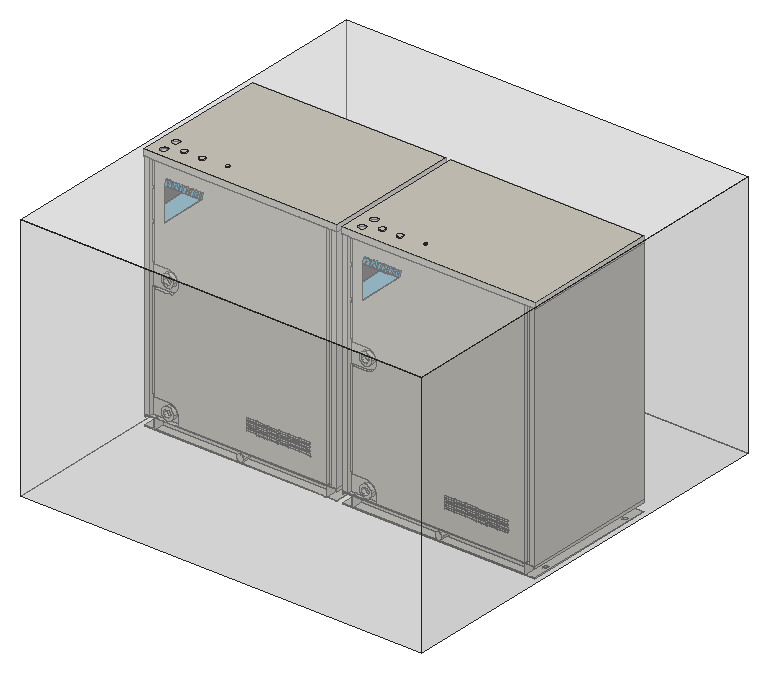
Revit family "outputfile", category 機械設備, Revit 2024
Family settings
  丸型コネクタ寸法 = 半径を使用
  種別 = なし
  パーツ タイプ = 標準
  OmniClass 番号 = 23.75.10.24.21.27.27
  OmniClass タイトル = Split System Air Conditioning Units
  作業面ベース = いいえ
  常に垂直 = はい
  ロード時にボイドで切り取り = いいえ
  注釈の向きを維持 = いいえ
  共有 = いいえ
  部屋計算ポイント = いいえ
Parameters (values of type "RWEYQ22TY14")
  製造元 = "Daikin"
  書き出し IFC クラス(タイプ) = "IfcUnitaryEquipmentType"
  定義済み IFC タイプ(タイプ) = "AIRCONDITIONINGUNIT"
  モデル = "RWEYQ22TY14"
  w_unit2 = 780.0 mm
  w_unit1 = 780.0 mm
  switch_unit2_6-8 [instance] = if(Reverse_ModuleSequence, if(default_unit1 = 1, 1 = 1, 1 = 0), if(default_unit2 = 1, 1 = 1, 1 = 0))  # no
  switch_unit2_12 [instance] = if(Reverse_ModuleSequence, if(default_unit1 = 3, 1 = 1, 1 = 0), if(default_unit2 = 3, 1 = 1, 1 = 0))  # no
  switch_unit2_10 [instance] = if(Reverse_ModuleSequence, if(default_unit1 = 2, 1 = 1, 1 = 0), if(default_unit2 = 2, 1 = 1, 1 = 0))  # yes
  switch_unit1_6-8 [instance] = if(Reverse_ModuleSequence, if(default_unit2 = 1, 1 = 1, 1 = 0), if(default_unit1 = 1, 1 = 1, 1 = 0))  # no
  switch_unit1_12 [instance] = if(Reverse_ModuleSequence, if(default_unit2 = 3, 1 = 1, 1 = 0), if(default_unit1 = 3, 1 = 1, 1 = 0))  # yes
  switch_unit1_10 [instance] = if(Reverse_ModuleSequence, if(default_unit2 = 2, 1 = 1, 1 = 0), if(default_unit1 = 2, 1 = 1, 1 = 0))  # no
  rangle_Drain [instance] = if(Rear Connection_Drain, 180.00°, 0.00°)  # 0.00°
  r_Water Outlet Pipe Connection_unit2 [instance] = Water Outlet Pipe Connection_Unit2 / 2  # 15.9 mm
  r_Water Outlet Pipe Connection_unit1 [instance] = Water Outlet Pipe Connection_Unit1 / 2  # 15.9 mm
  r_Water Inlet Pipe Connection_unit2 [instance] = Water Inlet Pipe Connection_Unit2 / 2  # 15.9 mm
  r_Water Inlet Pipe Connection_unit1 [instance] = Water Inlet Pipe Connection_Unit1 / 2  # 15.9 mm
  r_Liquid Pipe Size_unit2 [instance] = Liquid Pipe Size_Unit 2 / 2  # 4.75 mm
  r_HP/LP Gas Pipe Size_unit2 [instance] = [HP/LP Gas Pipe Size_Unit 2] / 2  # 11.1 mm
  r_HP/LP Gas Pipe Size_unit1 [instance] = [HP/LP Gas Pipe Size_Unit 1] / 2  # 11.1 mm
  r_Gas Pipe Size_unit2 [instance] = Gas Pipe Size_Unit 2 / 2  # 11.1 mm
  r_Drain Pipe Size = Drain Pipe Size / 2  # 6.35 mm
  lw_powersupply2 = 51.0 mm
  lw_liquidpipe2 = 274.0 mm
  lw_gaspipe2 [instance] = if(Heat Pump, 107.0 mm, 178.0 mm)  # 107.0 mm
  lw_Water Outlet2 = 95.0 mm
  lw_Water Outlet1 = 95.0 mm
  lw_Water Inlet2 = 95.0 mm
  lw_Water Inlet1 = 95.0 mm
  lw_HP/LP Gas Pipe2 [instance] = if(Heat Pump, 178.0 mm, 107.0 mm)  # 178.0 mm
  lw_HP/LP Gas Pipe1 [instance] = if(Heat Pump, 178.0 mm, 107.0 mm)  # 178.0 mm
  lw_Drain2 = 390.0 mm
  lw_Drain1 = 390.0 mm
  ld_HP/LP Gas Pipe = 69.0 mm
  h_mountinghole = [h_***] + 2.3 mm  # 2.3 mm
  r_Liquid Pipe Size_unit1 [instance] = Liquid Pipe Size_Unit 1 / 2  # 6.35 mm
  r_Gas Pipe Size_unit1 [instance] = Gas Pipe Size_Unit 1 / 2  # 11.1 mm
  distance_unit1-2 [instance] = 20.0 mm
  default_unit2 = 2
  default_unit1 = 3
  default_Water Outlet Pipe Connection_Unit 2 = 31.8 mm
  default_Water Outlet Pipe Connection_Unit 1 = 31.8 mm
  default_Water Inlet Pipe Connection_Unit 2 = 31.8 mm
  default_Water Inlet Pipe Connection_Unit 1 = 31.8 mm
  default_Model_Unit 2 = "RWEYQ10TY14"
  default_Model_Unit 1 = "RWEYQ12TY14"
  default_Liquid Pipe Size_Unit 2 = 9.5 mm
  default_Liquid Pipe Size_Unit 1 = 12.7 mm
  default_HP/LP Gas Pipe Size_Unit 2 [instance] = if(and(Heat Pump, [switch_unit2_6-8]), 19.1 mm, if(and(Heat Pump, switch_unit2_10), 22.2 mm, if(and(Heat Pump, switch_unit2_12), 22.2 mm, if(and(Heat Recovery, [switch_unit2_6-8]), 15.9 mm, if(and(Heat Recovery, switch_unit2_10), 19.1 mm, if(and(Heat Recovery, switch_unit2_12), 19.1 mm, 19.1 mm))))))  # 22.2 mm
  default_HP/LP Gas Pipe Size_Unit 1 [instance] = if(and(Heat Pump, [switch_unit1_6-8]), 19.1 mm, if(and(Heat Pump, switch_unit1_10), 22.2 mm, if(and(Heat Pump, switch_unit1_12), 22.2 mm, if(and(Heat Recovery, [switch_unit1_6-8]), 15.9 mm, if(and(Heat Recovery, switch_unit1_10), 19.1 mm, if(and(Heat Recovery, switch_unit1_12), 19.1 mm, 19.1 mm))))))  # 22.2 mm
  default_Gas Pipe Size_Unit 2 = 22.2 mm
  default_Gas Pipe Size_Unit 1 = 22.2 mm
  Water Outlet Pipe Connection_Unit2 [instance] = if(Reverse_ModuleSequence, default_Water Inlet Pipe Connection_Unit 1, default_Water Inlet Pipe Connection_Unit 2)  # 31.8 mm
  Water Outlet Pipe Connection_Unit1 [instance] = if(Reverse_ModuleSequence, default_Water Outlet Pipe Connection_Unit 2, default_Water Outlet Pipe Connection_Unit 1)  # 31.8 mm
  Water Inlet Pipe Connection_Unit2 [instance] = if(Reverse_ModuleSequence, default_Water Outlet Pipe Connection_Unit 1, default_Water Outlet Pipe Connection_Unit 2)  # 31.8 mm
  Water Inlet Pipe Connection_Unit1 [instance] = if(Reverse_ModuleSequence, default_Water Inlet Pipe Connection_Unit 2, default_Water Inlet Pipe Connection_Unit 1)  # 31.8 mm
  Voltage_comment_50Hz = "380-415"
  Voltage_50Hz = 400 V
  Top Connection_powersupply2 [instance] = not(Top Connection_powersupply1)  # no
  Sound Power Level (dB) = 75
  Reverse_ModuleSequence [instance] = no
  Rear Connection_Drain [instance] = not(Front Connection_Drain)  # no
  Power Input (Heating) = 13.500 kW
  Phase_50Hz = 3
  Nominal Heating Capacity = 69.000 kW
  Model_Unit 2 [instance] = if(Reverse_ModuleSequence, default_Model_Unit 1, default_Model_Unit 2)  # "RWEYQ10TY14"
  Model_Unit 1 [instance] = if(Reverse_ModuleSequence, default_Model_Unit 2, default_Model_Unit 1)  # "RWEYQ12TY14"
  Minimum Circuit Amps_50Hz = 27.3 A
  Maximum Fuse Amps_50Hz = 35.0 A
  Material_Heat Exchanger = DAIKIN_Blue_HE_outdoorunit
  Material_Casing = DAIKIN_IvoryWhite_Casing_outdoorunit
  lw_powersupply1 = 51.0 mm
  lw_liquidpipe1 = 274.0 mm
  lw_gaspipe1 [instance] = if(Heat Pump, 107.0 mm, 178.0 mm)  # 107.0 mm
  lh_powersupply = 940.0 mm
  ld_powersupply [instance] = if(Top Connection_powersupply1, 38.0 mm, 98.0 mm)  # 38.0 mm
  ld_liquidpipe = 79.0 mm
  ld_gaspipe = 69.0 mm
  h_*** = 0.0 mm
  Width [instance] = [distance_unit1-2] + w_unit1 + w_unit2  # 1580.0 mm
  Version = "ver.1.0"
  Unit Type = ""
  Unit Mass Weight = 294.00 kg
  Unit Designation [instance] = ""
  Uniclass2015Version = "Products v1.30"
  Uniclass2015Title = "Variable refrigerant flow units"
  Uniclass2015Code = "Pr_70_65_03_94"
  Total Cooling Capacity [instance] = 0.000 kW
  Sound Pressure Level (dBA) = 55
  Series = "VRV Heat Recovery"
  Refrigerant_Base Charge = 8.400 kg
  Refrigerant_Additional Charge [instance] = 0.000 kg
  Refrigerant Type = "R410A"
  Power Input (Cooling) = 12.800 kW
  Option Accessory 3 [instance] = ""
  Option Accessory 2 [instance] = ""
  Option Accessory 1 [instance] = ""
  Nominal Cooling Capacity = 61.500 kW
  Load Classification = HVAC
  Liquid Pipe Size_Unit 2 [instance] = if(Reverse_ModuleSequence, default_Liquid Pipe Size_Unit 1, default_Liquid Pipe Size_Unit 2)  # 9.5 mm
  Liquid Pipe Size_Unit 1 [instance] = if(Reverse_ModuleSequence, default_Liquid Pipe Size_Unit 2, default_Liquid Pipe Size_Unit 1)  # 12.7 mm
  Link_Nested Family [instance] = ""
  IfcVersion = ""
  IfcExportType = "AIRCONDITIONINGUNIT"
  IfcExportAs = "IfcUnitaryEquipmentType"
  Height = 1000.0 mm
  Heat Recovery [instance] = not(Heat Pump)  # no
  Heat Pump [instance] = yes
  Heat Exchanger Type = "Stainless Steel Plate"
  HP/LP Gas Pipe Size_Unit 2 [instance] = [default_HP/LP Gas Pipe Size_Unit 2]  # 22.2 mm
  HP/LP Gas Pipe Size_Unit 1 [instance] = [default_HP/LP Gas Pipe Size_Unit 1]  # 22.2 mm
  Gas Pipe Size_Unit 2 [instance] = if(Reverse_ModuleSequence, default_Gas Pipe Size_Unit 1, default_Gas Pipe Size_Unit 2)  # 22.2 mm
  Gas Pipe Size_Unit 1 [instance] = if(Reverse_ModuleSequence, default_Gas Pipe Size_Unit 2, default_Gas Pipe Size_Unit 1)  # 22.2 mm
  Top Connection_powersupply1 [instance] = yes
  Front Connection_Drain [instance] = yes
  Frequency_50Hz = 50 Hz
  Drain Pipe Size = 12.7 mm
  Depth = 550.0 mm
  既定の高さ = 0.0 mm
  Cooling Ambient Wet Bulb Temperature [instance] = 0.00 °C
  Cooling Ambient Dry Bulb Temperature [instance] = 0.00 °C
  Compressor Type = "Hermetically Sealed Scroll Type"
  Clearance visibility [instance] = yes
  Clearance Top = 0.0 mm
  Clearance Right = 20.0 mm
  Clearance Rear = 500.0 mm
  Clearance Left = 20.0 mm
  Clearance Front = 600.0 mm
  Clearance Bottom = 0.0 mm
  CU Tag No. [instance] = ""
Reference planes
  plane 1 "Center (Front/Back)": y = 0
  plane 2 "h_***": z = 0
  plane 3 "Center (Left/Right)": x = 0
  plane 4 "Back": y = 275
  plane 5 "Front": y = -275
  plane 6 "Left": x = -390
  plane 7 "w_unit1": x = 390
  plane 8 "Top": z = 1000
  plane 9 "Clearance Rear": y = 775
  plane 10 "Clearance Front": y = -875
  plane 11 "Clearance Left": x = -410
  plane 12 "Clearance Right": x = 1210
  plane 13 "Clearance Top": z = 1000
  plane 14 "Clearance Bottom": z = 0
  plane 15 "Bottom": z = 0
  plane 16 "lw_powersupply1": x = -339
  plane 17 "ld_powersupply": y = -237
  plane 18 "lw_liquidpipe1": x = -116
  plane 19 "Rear Connection_refrigetant": y = -196
  plane 20 "lw_gaspipe1": x = -283
  plane 21 "ld_gaspipe": y = -206
  plane 22 "lh_logo": z = 900
  plane 23 "lw_logo": x = 100
  plane 24 "lh_powersupply": z = 940
  plane 25 "lw_HP/LP Gas Pipe1": x = -212
  plane 26 "ld_HP/LP Gas Pipe": y = -206
  plane 27 "l_unit2": x = 410
  plane 28 "Right": x = 1190
  plane 29 "lw_powersupply2": x = 461
  plane 30 "lw_liquidpipe2": x = 684
  plane 31 "lw_gaspipe2": x = 517
  plane 32 "lw_HP/LP Gas Pipe2": x = 588
  plane 33 "lw_Water Inlet1": x = -295
  plane 34 "lw_Water Inlet2": x = 505
  plane 35 "lw_Water Outlet1": x = -295
  plane 36 "lw_Water Outlet2": x = 505
  plane 37 "lw_Drain1": x = 0
  plane 38 "lw_Drain2": x = 800
Dimensions and locks
  equal spacing: plane 4 "Back", plane 1 "Center (Front/Back)", plane 5 "Front"
  "Depth": plane 4 "Back" to plane 5 "Front"
  equal spacing: plane 6 "Left", plane 3 "Center (Left/Right)", plane 7 "w_unit1"
  "w_unit1": plane 6 "Left" to plane 7 "w_unit1"
  "Clearance Rear": plane 9 "Clearance Rear" to plane 4 "Back"
  "Clearance Front": plane 10 "Clearance Front" to plane 5 "Front"
  "Clearance Left": plane 11 "Clearance Left" to plane 6 "Left"
  "Clearance Top": plane 13 "Clearance Top" to plane 8 "Top"
  "h_***": plane 15 "Bottom" to plane 2 "h_***"
  "Height": plane 8 "Top" to plane 15 "Bottom"
  "Clearance Bottom": plane 15 "Bottom" to plane 14 "Clearance Bottom"
  "ld_powersupply": plane 17 "ld_powersupply" to plane 5 "Front"
  "ld_liquidpipe": plane 19 "Rear Connection_refrigetant" to plane 5 "Front"
  "ld_gaspipe": plane 21 "ld_gaspipe" to plane 5 "Front"
  locked: plane 23 "lw_logo" to plane 7 "w_unit1" at 290
  locked: plane 22 "lh_logo" to plane 15 "Bottom" at 900
  "lw_gaspipe1": plane 6 "Left" to plane 20 "lw_gaspipe1"
  "lw_liquidpipe1": plane 6 "Left" to plane 18 "lw_liquidpipe1"
  "lw_powersupply1": plane 6 "Left" to plane 16 "lw_powersupply1"
  "lh_powersupply": plane 24 "lh_powersupply" to plane 15 "Bottom"
  "lw_HP/LP Gas Pipe1": plane 6 "Left" to plane 25 "lw_HP/LP Gas Pipe1"
  "ld_HP/LP Gas Pipe": plane 26 "ld_HP/LP Gas Pipe" to plane 5 "Front"
  "distance_unit1-2": plane 7 "w_unit1" to plane 27 "l_unit2"
  "Clearance Right": plane 28 "Right" to plane 12 "Clearance Right"
  "Width": plane 6 "Left" to plane 28 "Right"
  "lw_powersupply2": plane 27 "l_unit2" to plane 29 "lw_powersupply2"
  "lw_HP/LP Gas Pipe2": plane 27 "l_unit2" to plane 32 "lw_HP/LP Gas Pipe2"
  "lw_gaspipe2": plane 27 "l_unit2" to plane 31 "lw_gaspipe2"
  "lw_liquidpipe2": plane 27 "l_unit2" to plane 30 "lw_liquidpipe2"
  "lw_Water Inlet1": plane 6 "Left" to plane 33 "lw_Water Inlet1"
  "lw_Water Inlet2": plane 27 "l_unit2" to plane 34 "lw_Water Inlet2"
  "lw_Water Outlet1": plane 6 "Left" to plane 35 "lw_Water Outlet1"
  "lw_Water Outlet2": plane 27 "l_unit2" to plane 36 "lw_Water Outlet2"
  "lw_Drain1": plane 6 "Left" to plane 37 "lw_Drain1"
  "lw_Drain2": plane 27 "l_unit2" to plane 38 "lw_Drain2"
  aligned and locked: level to plane 2 "h_***"
  aligned and locked: plane 9 "Clearance Rear" to nested 2
  aligned and locked: nested 2 to plane 10 "Clearance Front"
  aligned and locked: plane 11 "Clearance Left" to nested 2
  aligned and locked: plane 12 "Clearance Right" to nested 2
  aligned and locked: plane 13 "Clearance Top" to nested 2
  aligned and locked: plane 14 "Clearance Bottom" to nested 2
  aligned and locked: plane 8 "Top" to nested 1
  aligned and locked: plane 22 "lh_logo" to nested 7
  aligned and locked: nested 8 to plane 16 "lw_powersupply1"
  aligned and locked: nested 9 to plane 20 "lw_gaspipe1"
  aligned and locked: nested 10 to plane 18 "lw_liquidpipe1"
  aligned and locked: nested 10 to plane 19 "Rear Connection_refrigetant"
  aligned and locked: nested 9 to plane 21 "ld_gaspipe"
  aligned and locked: nested 8 to plane 17 "ld_powersupply"
  aligned and locked: plane 5 "Front" to nested 7
  aligned and locked: plane 24 "lh_powersupply" to nested 8
  aligned and locked: plane 27 "l_unit2" to nested 11
  aligned and locked: nested 17 to plane 29 "lw_powersupply2"
  aligned and locked: nested 17 to plane 17 "ld_powersupply"
  aligned and locked: nested 18 to plane 31 "lw_gaspipe2"
  aligned and locked: nested 18 to plane 26 "ld_HP/LP Gas Pipe"
  aligned and locked: plane 1 "Center (Front/Back)" to nested 20
  aligned and locked: plane 33 "lw_Water Inlet1" to nested 20
  aligned and locked: plane 1 "Center (Front/Back)" to nested 21
  aligned and locked: plane 1 "Center (Front/Back)" to nested 22
  aligned and locked: plane 1 "Center (Front/Back)" to nested 23
  aligned and locked: plane 1 "Center (Front/Back)" to nested 24
  aligned and locked: plane 1 "Center (Front/Back)" to nested 25
  aligned and locked: plane 34 "lw_Water Inlet2" to nested 21
  aligned and locked: plane 35 "lw_Water Outlet1" to nested 22
  aligned and locked: plane 36 "lw_Water Outlet2" to nested 23
  aligned and locked: plane 37 "lw_Drain1" to nested 24
  aligned and locked: plane 38 "lw_Drain2" to nested 25
  aligned and locked: plane 25 "lw_HP/LP Gas Pipe1" to nested 26
  aligned and locked: plane 32 "lw_HP/LP Gas Pipe2" to nested 27
  aligned and locked: nested 26 to plane 26 "ld_HP/LP Gas Pipe"
  aligned and locked: nested 27 to plane 26 "ld_HP/LP Gas Pipe"
Nested families
  nested 1: "DAIKIN_outdoorunit_RWEYQ-TY14" at (-31, 0, 0), h_*** <- "h_***", Link_Nest <- "Link_Nested Family", h_mountinghole <- "h_mountinghole", Width <- "w_unit1", switch_unit1_6-8 <- "switch_unit1_6-8", switch_unit1_10 <- "switch_unit1_10", switch_unit1_12 <- "switch_unit1_12", type "RWEYQ-TY14"
    with switch_unit1_6-8 no, switch_unit1_12 yes, switch_unit1_10 no, show_fixedhole yes, h_mountinghole 2.3 mm, h_antenna_mountinghole 998.7 mm, h_*** 0.0 mm, array_bolt 5, Width 780.0 mm, Liquid Pipe Size_Unit 1 12.7 mm, Link_Nest "", HP/LP Pipe Size_Unit 1 22.2 mm, Gas Pipe Size_Unit 1_L 107.0 mm, Gas Pipe Size_Unit 1 22.2 mm
  nested 2: "daikin_clearancespace" at (400, -50, 500.119), visible <- "Clearance visibility", show <- "Clearance visibility", Link_Nested Family <- "Link_Nested Family", type "daikin_clearancespace"
    with width 1620.0 mm, show yes, height 1000.0 mm, depth 1650.0 mm, Link_Nested Family ""
  nested 3: "daikin_mountinghole" at (-372, 200, 0), type "daikin_mountinghole"
    with show yes, l_antenna 998.7 mm, h_mountinghole 2.3 mm, Link_Nested Family ""
  nested 4: "daikin_mountinghole" at (372, 200, 0), type "daikin_mountinghole"
    with show yes, l_antenna 998.7 mm, h_mountinghole 2.3 mm, Link_Nested Family ""
  nested 5: "daikin_mountinghole" at (-372, -200, 0), type "daikin_mountinghole"
    with show yes, l_antenna 998.7 mm, h_mountinghole 2.3 mm, Link_Nested Family ""
  nested 6: "daikin_mountinghole" at (372, -200, 0), type "daikin_mountinghole"
    with show yes, l_antenna 998.7 mm, h_mountinghole 2.3 mm, Link_Nested Family ""
  nested 7: "daikin_logo_elevation_w150" at (-212.5, -275, 744.568), type "daikin_logo_elevation_w150"
    with show_logo yes
  nested 8: "daikin_connector_rotate3" at (-339, -237, 940) x (-1, 0, 0) z (0, 0, -1), type "daikin_connector_rotate3"
    with show no, radius 10.0 mm, length 60.0 mm, angle_vertical 0.00°, angle_horizontal 0.00°
  nested 9: "daikin_connector_rotate3" at (-283, -206, 940) x (-1, 0, 0) z (0, 0, -1), radius <- "r_Gas Pipe Size_unit1", type "daikin_connector_rotate3"
    with show no, radius 11.1 mm, length 60.0 mm, angle_vertical 0.00°, angle_horizontal 0.00°
  nested 10: "daikin_connector_rotate3" at (-116, -196, 940) x (-1, 0, 0) z (0, 0, -1), radius <- "r_Liquid Pipe Size_unit1", type "daikin_connector_rotate3"
    with show no, radius 6.35 mm, length 60.0 mm, angle_vertical 0.00°, angle_horizontal 0.00°
  nested 11: "DAIKIN_outdoorunit_RWEYQ-TY14" at (769, 0, 0), Width <- "w_unit2", switch_unit1_6-8 <- "switch_unit2_6-8", switch_unit1_10 <- "switch_unit2_10", switch_unit1_12 <- "switch_unit2_12", type "RWEYQ-TY14"
    with switch_unit1_6-8 no, switch_unit1_12 no, switch_unit1_10 yes, show_fixedhole yes, h_mountinghole 2.3 mm, h_antenna_mountinghole 998.7 mm, h_*** 0.0 mm, array_bolt 5, Width 780.0 mm, Liquid Pipe Size_Unit 1 9.5 mm, Link_Nest "", HP/LP Pipe Size_Unit 1 22.2 mm, Gas Pipe Size_Unit 1_L 107.0 mm, Gas Pipe Size_Unit 1 22.2 mm
  nested 12: "daikin_mountinghole" at (428, 200, 0), type "daikin_mountinghole"
    with show yes, l_antenna 998.7 mm, h_mountinghole 2.3 mm, Link_Nested Family ""
  nested 13: "daikin_mountinghole" at (1172, 200, 0), type "daikin_mountinghole"
    with show yes, l_antenna 998.7 mm, h_mountinghole 2.3 mm, Link_Nested Family ""
  nested 14: "daikin_mountinghole" at (428, -200, 0), type "daikin_mountinghole"
    with show yes, l_antenna 998.7 mm, h_mountinghole 2.3 mm, Link_Nested Family ""
  nested 15: "daikin_mountinghole" at (1172, -200, 0), type "daikin_mountinghole"
    with show yes, l_antenna 998.7 mm, h_mountinghole 2.3 mm, Link_Nested Family ""
  nested 16: "daikin_connector_rotate3" at (684, -196, 940) x (-1, 0, 0) z (0, 0, -1), radius <- "r_Liquid Pipe Size_unit2", type "daikin_connector_rotate3"
    with show no, radius 4.75 mm, length 60.0 mm, angle_vertical 0.00°, angle_horizontal 0.00°
  nested 17: "daikin_connector_rotate3" at (461, -237, 940) x (-1, 0, 0) z (0, 0, -1), type "daikin_connector_rotate3"
    with show no, radius 10.0 mm, length 60.0 mm, angle_vertical 0.00°, angle_horizontal 0.00°
  nested 18: "daikin_connector_rotate3" at (517, -206, 940) x (-1, 0, 0) z (0, 0, -1), radius <- "r_Gas Pipe Size_unit2", type "daikin_connector_rotate3"
    with show no, radius 11.1 mm, length 60.0 mm, angle_vertical 0.00°, angle_horizontal 0.00°
  nested 19: "daikin_logo_elevation_w150" at (587.5, -275, 744.568), type "daikin_logo_elevation_w150"
    with show_logo yes
  nested 20: "daikin_connector_rotate3" at (-295, 0, 76), radius <- "r_Water Inlet Pipe Connection_unit1", type "daikin_connector_rotate3"
    with show no, radius 15.9 mm, length 275.0 mm, angle_vertical 90.00°, angle_horizontal 0.00°
  nested 21: "daikin_connector_rotate3" at (505, 0, 76), radius <- "r_Water Inlet Pipe Connection_unit2", type "daikin_connector_rotate3"
    with show no, radius 15.9 mm, length 275.0 mm, angle_vertical 90.00°, angle_horizontal 0.00°
  nested 22: "daikin_connector_rotate3" at (-295, 0, 556), radius <- "r_Water Outlet Pipe Connection_unit1", type "daikin_connector_rotate3"
    with show no, radius 15.9 mm, length 275.0 mm, angle_vertical 90.00°, angle_horizontal 0.00°
  nested 23: "daikin_connector_rotate3" at (505, 0, 556), radius <- "r_Water Outlet Pipe Connection_unit2", type "daikin_connector_rotate3"
    with show no, radius 15.9 mm, length 275.0 mm, angle_vertical 90.00°, angle_horizontal 0.00°
  nested 24: "daikin_connector_rotate3" at (0, 0, 19), angle_horizontal <- "rangle_Drain", radius <- "r_Drain Pipe Size", type "daikin_connector_rotate3"
    with show no, radius 6.35 mm, length 275.0 mm, angle_vertical 90.00°, angle_horizontal 0.00°
  nested 25: "daikin_connector_rotate3" at (800, 0, 19), angle_horizontal <- "rangle_Drain", radius <- "r_Drain Pipe Size", type "daikin_connector_rotate3"
    with show no, radius 6.35 mm, length 275.0 mm, angle_vertical 90.00°, angle_horizontal 0.00°
  nested 26: "daikin_connector_rotate3" at (-212, -206, 940) x (1, 0, 0) z (0, 0, -1), radius <- "r_HP/LP Gas Pipe Size_unit1", type "daikin_connector_rotate3"
    with show no, radius 11.1 mm, length 60.0 mm, angle_vertical 0.00°, angle_horizontal 0.00°
  nested 27: "daikin_connector_rotate3" at (588, -206, 940) x (1, 0, 0) z (0, 0, -1), radius <- "r_HP/LP Gas Pipe Size_unit2", type "daikin_connector_rotate3"
    with show no, radius 11.1 mm, length 60.0 mm, angle_vertical 0.00°, angle_horizontal 0.00°
Connectors
  piping at (-116, -196, 1000), diameter 12.7, driven by "r_Liquid Pipe Size_unit1"
    settings: on nested 10, index 12, connector inside diameter 609.6 mm, connector length 0.0 mm, flow factor 0, pipe flow 0.00 m³/h, pressure drop 0.0 Pa, fitting loss kfactor 0, connector angle 0.00°, fixture units 0, engagement length 0.0 mm, angle of deflection 0.00°, flow configuration 0, flow direction 2, fitting loss method 0, system type 29, joint type 0, gender type 0, connector reference index -1, connector utility 0, adjustable connector no, is connector primary no, connector description "Refrigerant Liquid Piping1"
  electrical at (-339, -237, 1000), driven by "Load Classification"
    settings: on nested 8, index 13, voltage 0 V, apparent load 0 VA, apparent load phase1 0 VA, apparent load phase2 0 VA, apparent load phase3 0 VA, power factor 1, load classification "HVAC", number of poles 1, system type 30, power factor state 1, is connector primary yes, connector utility no, sub classification motor no, connector description "Power Supply1"
  piping at (684, -196, 1000), diameter 9.5, driven by "r_Liquid Pipe Size_unit2"
    settings: on nested 16, index 15, connector inside diameter 609.6 mm, connector length 0.0 mm, flow factor 0, pipe flow 0.00 m³/h, pressure drop 0.0 Pa, fitting loss kfactor 0, connector angle 0.00°, fixture units 0, engagement length 0.0 mm, angle of deflection 0.00°, flow configuration 0, flow direction 2, fitting loss method 0, system type 29, joint type 0, gender type 0, connector reference index -1, connector utility 0, adjustable connector no, is connector primary no, connector description "Refrigerant Liquid Piping2"
  electrical at (461, -237, 1000), driven by "Load Classification"
    settings: on nested 17, index 17, voltage 0 V, apparent load 0 VA, apparent load phase1 0 VA, apparent load phase2 0 VA, apparent load phase3 0 VA, power factor 1, load classification "HVAC", number of poles 1, system type 30, power factor state 1, is connector primary no, connector utility no, sub classification motor no, connector description "Power Supply2"
  piping at (-295, -275, 556), diameter 31.8, driven by "r_Water Outlet Pipe Connection_unit1"
    settings: on nested 22, index 19, connector inside diameter 609.6 mm, connector length 0.0 mm, flow factor 0, pipe flow 0.00 m³/h, pressure drop 0.0 Pa, fitting loss kfactor 0, connector angle 0.00°, fixture units 0, engagement length 0.0 mm, angle of deflection 0.00°, flow configuration 1, flow direction 2, fitting loss method 0, system type 8, joint type 0, gender type 0, connector reference index -1, connector utility 0, adjustable connector no, is connector primary no, connector description "Cooling Water Outlet Piping 1"
  piping at (-295, -275, 76), diameter 31.8, driven by "r_Water Inlet Pipe Connection_unit1"
    settings: on nested 20, index 20, connector inside diameter 609.6 mm, connector length 0.0 mm, flow factor 0, pipe flow 0.00 m³/h, pressure drop 0.0 Pa, fitting loss kfactor 0, connector angle 0.00°, fixture units 0, engagement length 0.0 mm, angle of deflection 0.00°, flow configuration 1, flow direction 1, fitting loss method 0, system type 7, joint type 0, gender type 0, connector reference index -1, connector utility 0, adjustable connector no, is connector primary no, connector description "Cooling Water Inlet  Piping 1"
  piping at (505, -275, 556), diameter 31.8, driven by "r_Water Outlet Pipe Connection_unit2"
    settings: on nested 23, index 21, connector inside diameter 609.6 mm, connector length 0.0 mm, flow factor 0, pipe flow 0.00 m³/h, pressure drop 0.0 Pa, fitting loss kfactor 0, connector angle 0.00°, fixture units 0, engagement length 0.0 mm, angle of deflection 0.00°, flow configuration 1, flow direction 2, fitting loss method 0, system type 8, joint type 0, gender type 0, connector reference index -1, connector utility 0, adjustable connector no, is connector primary no, connector description "Cooling Water Outlet Piping 2"
  piping at (505, -275, 76), diameter 31.8, driven by "r_Water Inlet Pipe Connection_unit2"
    settings: on nested 21, index 22, connector inside diameter 609.6 mm, connector length 0.0 mm, flow factor 0, pipe flow 0.00 m³/h, pressure drop 0.0 Pa, fitting loss kfactor 0, connector angle 0.00°, fixture units 0, engagement length 0.0 mm, angle of deflection 0.00°, flow configuration 1, flow direction 1, fitting loss method 0, system type 7, joint type 0, gender type 0, connector reference index -1, connector utility 0, adjustable connector no, is connector primary no, connector description "Cooling Water Inlet  Piping 2"
  piping at (0, -275, 19), diameter 12.7, driven by "r_Drain Pipe Size"
    settings: on nested 24, index 23, connector inside diameter 609.6 mm, connector length 0.0 mm, flow factor 0, pipe flow 0.00 m³/h, pressure drop 0.0 Pa, fitting loss kfactor 0, connector angle 0.00°, fixture units 0, engagement length 0.0 mm, angle of deflection 0.00°, flow configuration 1, flow direction 2, fitting loss method 4, system type 16, joint type 0, gender type 0, connector reference index -1, connector utility 0, adjustable connector no, is connector primary no, connector description "Condensate Drain Piping 1"
  piping at (800, -275, 19), diameter 12.7, driven by "r_Drain Pipe Size"
    settings: on nested 25, index 24, connector inside diameter 609.6 mm, connector length 0.0 mm, flow factor 0, pipe flow 0.00 m³/h, pressure drop 0.0 Pa, fitting loss kfactor 0, connector angle 0.00°, fixture units 0, engagement length 0.0 mm, angle of deflection 0.00°, flow configuration 1, flow direction 2, fitting loss method 4, system type 16, joint type 0, gender type 0, connector reference index -1, connector utility 0, adjustable connector no, is connector primary no, connector description "Condensate Drain Piping 2"
  piping at (-212, -206, 1000), diameter 22.2, driven by "r_HP/LP Gas Pipe Size_unit1"
    settings: on nested 26, index 27, connector inside diameter 609.6 mm, connector length 0.0 mm, flow factor 0, pipe flow 0.00 m³/h, pressure drop 0.0 Pa, fitting loss kfactor 0, connector angle 0.00°, fixture units 0, engagement length 0.0 mm, angle of deflection 0.00°, flow configuration 0, flow direction 0, fitting loss method 0, system type 29, joint type 0, gender type 0, connector reference index -1, connector utility 0, adjustable connector no, is connector primary no, connector description "Refrigerant HP/LP Gas Piping1"
  piping at (588, -206, 1000), diameter 22.2, driven by "r_HP/LP Gas Pipe Size_unit2"
    settings: on nested 27, index 28, connector inside diameter 609.6 mm, connector length 0.0 mm, flow factor 0, pipe flow 0.00 m³/h, pressure drop 0.0 Pa, fitting loss kfactor 0, connector angle 0.00°, fixture units 0, engagement length 0.0 mm, angle of deflection 0.00°, flow configuration 0, flow direction 0, fitting loss method 0, system type 29, joint type 0, gender type 0, connector reference index -1, connector utility 0, adjustable connector no, is connector primary no, connector description "Refrigerant HP/LP Gas Piping2"
  piping at (-283, -206, 1000), diameter 22.2, driven by "r_Gas Pipe Size_unit1"
    settings: on nested 9, index 29, connector inside diameter 609.6 mm, connector length 0.0 mm, flow factor 0, pipe flow 0.00 m³/h, pressure drop 0.0 Pa, fitting loss kfactor 0, connector angle 0.00°, fixture units 0, engagement length 0.0 mm, angle of deflection 0.00°, flow configuration 0, flow direction 1, fitting loss method 0, system type 29, joint type 0, gender type 0, connector reference index -1, connector utility 0, adjustable connector no, is connector primary yes, connector description "Refrigerant Gas Piping1"
  piping at (517, -206, 1000), diameter 22.2, driven by "r_Gas Pipe Size_unit2"
    settings: on nested 18, index 30, connector inside diameter 609.6 mm, connector length 0.0 mm, flow factor 0, pipe flow 0.00 m³/h, pressure drop 0.0 Pa, fitting loss kfactor 0, connector angle 0.00°, fixture units 0, engagement length 0.0 mm, angle of deflection 0.00°, flow configuration 0, flow direction 1, fitting loss method 0, system type 29, joint type 0, gender type 0, connector reference index -1, connector utility 0, adjustable connector no, is connector primary no, connector description "Refrigerant Gas Piping2"
Definition of nested family "DAIKIN_outdoorunit_RWEYQ-TY14"
  Parameters (values of type "RWEYQ-TY14")
    w_wiremesh_right = 668.0 mm  # constant formula
    w_wiremesh_left = 590.0 mm  # constant formula
    w_wiremesh_front = 248.0 mm  # constant formula
    switch_unit1_6-8 [instance] = no
    switch_unit1_12 [instance] = yes
    switch_unit1_10 [instance] = no
    show_fixedhole [instance] = yes
    material_heatexchanger = none
    material_casing = none
    ld_hole1_bottom = 154.0 mm  # constant formula
    h_wiremesh = 900.0 mm  # constant formula
    h_mountinghole [instance] = 2.3 mm
    h_antenna_mountinghole [instance] = Height + 1.0 mm - 2.3 mm  # 998.7 mm
    h_*** [instance] = 0.0 mm
    array_bolt [instance] = 5
    Width [instance] = 780.0 mm
    Liquid Pipe Size_Unit 1 [instance] = if([switch_unit1_6-8], 9.5 mm, if(switch_unit1_10, 9.5 mm, if(switch_unit1_12, 12.7 mm, 9.5 mm)))  # 12.7 mm
    Link_Nest [instance] = ""
    Height = 1000.0 mm
    Heat Recovery = not(Heat Pump)  # no
    Heat Pump = yes
    HP/LP Pipe Size_Unit 1_L = if(Heat Pump, 178.0 mm, 107.0 mm)  # 178.0 mm
    HP/LP Pipe Size_Unit 1 [instance] = if(Heat Recovery, if([switch_unit1_6-8], 15.9 mm, if(switch_unit1_10, 19.1 mm, if(switch_unit1_12, 19.1 mm, 15.9 mm))), if([switch_unit1_6-8], 19.1 mm, if(switch_unit1_10, 22.2 mm, if(switch_unit1_12, 22.2 mm, 19.1 mm))))  # 22.2 mm
    Gas Pipe Size_Unit 1_L [instance] = if(Heat Pump, 107.0 mm, 178.0 mm)  # 107.0 mm
    Gas Pipe Size_Unit 1_H = 60.0 mm  # constant formula
    Gas Pipe Size_Unit 1 [instance] = if([switch_unit1_6-8], 19.1 mm, if(switch_unit1_10, 22.2 mm, if(switch_unit1_12, 22.2 mm, 19.1 mm)))  # 22.2 mm
    Depth = 550.0 mm
    Default Elevation = 0.0 mm
  Reference planes
    plane 1 "Center (Front/Back)": y = 0
    plane 2 "reference_level": z = 0
    plane 3 "Center (Left/Right)": x = 31
    plane 4 "Bottom": z = 0
    plane 5: x = 421
    plane 6: x = -359
    plane 7 "Back": y = 275
    plane 8 "Front": y = -275
    plane 9: z = 1000
    plane 10: z = 976
    plane 11: y = -255
    plane 12: y = 255
    plane 13: x = -337
    plane 14: x = 399
    plane 15: x = -341
    plane 16: z = 45
    plane 17: x = 403
    plane 18: y = 200
    plane 19: y = -200
    plane 20: z = 1060
    plane 21: z = 19
    plane 22: z = 1000
    plane 23: z = 940
  Forms (mm)
    Extrusion 1, solid, material <- "material_heatexchanger"
      sketch origin (0, 0, 0) x (1, 0, 0) y (0, 1, 0)
        loop
          line (-337, 255) -> (-337, -255) -> (399, -255) -> (399, 255) -> (-337, 255)
      from 54 to 976
    Extrusion 2, void
      sketch origin (0, 350, 0) x (1, 0, 0) y (0, 1, 0)
        loop
          circle (-341, -150) r 8.5
        loop
          circle (403, -150) r 8.5
        loop
          circle (403, -550) r 8.5
        loop
          circle (-341, -550) r 8.5
      from 0 to 29.064
    Extrusion 3, solid, material <- "material_casing"
      sketch origin (620, -305, 0) x (-1, 0, 0) y (0, 0, 1)
        loop
          line (204.3, 35.061) -> (204.3, 42.7) -> (239.7, 42.7) -> (239.7, 2.3) -> (201, 2.3) -> (201, 0) -> (242, 0) -> (242, 45) -> (201, 45) -> (201, 35.061) -> (204.3, 35.061)
        loop
          line (973.7, 35.061) -> (977, 35.061) -> (977, 45) -> (936, 45) -> (936, 0) -> (977, 0) -> (977, 2.3) -> (938.3, 2.3) -> (938.3, 42.7) -> (973.7, 42.7) -> (973.7, 35.061)
      from 30 to 580
    Extrusion 4, solid, material <- "material_casing"
      sketch origin (31, 0, 0) x (0, 1, 0) y (0, 0, 1)
        loop
          line (-275, 45) -> (-275, 42.7) -> (-236.3, 42.7) -> (-236.3, 2.3) -> (-275, 2.3) -> (-275, 0) -> (-234, 0) -> (-234, 45) -> (-275, 45)
        loop
          line (275, 45) -> (234, 45) -> (234, 0) -> (275, 0) -> (275, 2.3) -> (236.3, 2.3) -> (236.3, 42.7) -> (275, 42.7) -> (275, 45)
      from -347 to 347
    Extrusion 5, solid, material <- "material_casing"
      sketch origin (0, 0, 0) x (1, 0, 0) y (0, 1, 0)
        loop
          circle (-85, -196) r 6.35
        loop
          circle (-181, -206) r 11.1
      from 940 to 1000
    Extrusion 6, solid, material <- "material_casing"
      sketch origin (-663.497, -190, 1200) x (-1, 0, 0) y (0, 0, 1)
        loop
          circle (-694.497, -1181) r 14
      from -85 to -46.3
    Extrusion 7, solid, material <- "material_casing"
      sketch origin (-663.497, 321.3, 1200) x (-1, 0, 0) y (0, 0, 1)
        loop
          circle (-694.497, -1181) r 14
      from -85 to -46.3
    Extrusion 8, solid, material <- "material_casing"
      sketch origin (0, -500, 0) x (1, 0, 0) y (0, 1, 0)
        loop
          circle (-252, 294) r 11.1
      from 940 to 1000
  Cuts and joins
    Extrusion 2 cuts Extrusion 3
  Dimensions and locks
    equal spacing: plane 6, plane 3 "Center (Left/Right)", plane 5
    "Width": plane 6 to plane 5
    locked: plane 9 to plane 10 at 24
    "Depth": plane 8 "Front" to plane 7 "Back"
    equal spacing: plane 7 "Back", plane 1 "Center (Front/Back)", plane 8 "Front"
    locked: plane 12 to plane 7 "Back" at 20
    locked: plane 11 to plane 8 "Front" at 20
    locked: plane 6 to plane 13 at 22
    locked: plane 14 to plane 5 at 22
    locked: plane 6 to plane 15 at 18
    "h_***": plane 4 "Bottom" to plane 2 "reference_level"
    locked: plane 16 to plane 4 "Bottom" at 45
    "Height": plane 9 to plane 4 "Bottom"
    locked: plane 5 to Extrusion 3 sketch curve at 2  (x2)
    locked: Extrusion 3 sketch curve to Extrusion 3 sketch curve at 41  (x2)
    locked: Extrusion 3 sketch curve to Extrusion 3 sketch curve at 3.3  (x2)
    locked: Extrusion 3 sketch curve to plane 6 at 2  (x2)
    locked: plane 8 "Front" to Extrusion 4 sketch curve at 41
    locked: Extrusion 4 sketch curve to plane 7 "Back" at 41
    locked: plane 17 to plane 5 at 18
    plane 19 to plane 8 "Front" = 75.0 mm
    locked: plane 18 to plane 7 "Back" at 75
    locked: Extrusion 5 sketch curve to plane 8 "Front" at 79
    locked: plane 6 to Extrusion 5 sketch curve at 274
    "HP/LP Pipe Size_Unit 1_L": plane 6 to Extrusion 5 sketch curve
    locked: Extrusion 5 sketch curve to plane 8 "Front" at 69
    locked: plane 20 to plane 9 at 60
    locked: plane 21 to plane 4 "Bottom" at 19
    "Gas Pipe Size_Unit 1_L": plane 6 to Extrusion 8 sketch curve
    locked: Extrusion 8 sketch curve to plane 8 "Front" at 69
    "Gas Pipe Size_Unit 1_H": plane 20 to plane 22
    locked: plane 22 to plane 23 at 60
    "HP/LP Pipe Size_Unit 1": diameter of Extrusion 5 sketch curve
    "Liquid Pipe Size_Unit 1": diameter of Extrusion 5 sketch curve
    "Gas Pipe Size_Unit 1": diameter of Extrusion 8 sketch curve
    aligned and locked: level to plane 2 "reference_level"
    aligned and locked: plane 12 to Extrusion 1 sketch curve
    aligned and locked: plane 11 to Extrusion 1 sketch curve
    aligned and locked: plane 13 to Extrusion 1 sketch curve
    aligned and locked: plane 14 to Extrusion 1 sketch curve
    aligned and locked: plane 10 to Extrusion 1
    aligned and locked: plane 11 to nested 1
    aligned and locked: plane 10 to nested 4
    aligned and locked: nested 5 to plane 9
    aligned and locked: plane 10 to nested 3
    aligned and locked: plane 10 to nested 2
    aligned and locked: plane 13 to nested 4
    aligned and locked: plane 14 to nested 2
    aligned and locked: plane 12 to nested 3
    aligned and locked: plane 15 to nested 7
    aligned and locked: plane 15 to nested 9
    aligned and locked: plane 8 "Front" to nested 5
    aligned and locked: plane 6 to nested 5
    aligned and locked: plane 10 to nested 1
    aligned and locked: plane 13 to nested 1
    aligned and locked: nested 2 to plane 1 "Center (Front/Back)"
    aligned and locked: nested 3 to plane 3 "Center (Left/Right)"
    aligned and locked: plane 1 "Center (Front/Back)" to nested 4
    aligned and locked: nested 6 to plane 3 "Center (Left/Right)"
    aligned and locked: plane 1 "Center (Front/Back)" to nested 6
    aligned and locked: plane 16 to Extrusion 3 sketch curve
    aligned and locked: Extrusion 3 sketch curve to plane 4 "Bottom"
    aligned and locked: Extrusion 3 sketch curve to plane 16
    aligned and locked: plane 4 "Bottom" to Extrusion 3 sketch curve
    aligned and locked: Extrusion 3 to plane 7 "Back"
    aligned and locked: Extrusion 3 to plane 8 "Front"
    aligned and locked: plane 8 "Front" to Extrusion 4 sketch curve  (x2)
    aligned and locked: plane 4 "Bottom" to Extrusion 4 sketch curve
    aligned and locked: Extrusion 4 sketch curve to plane 16
    aligned and locked: Extrusion 4 sketch curve to plane 7 "Back"  (x2)
    aligned and locked: plane 18 to Extrusion 2 sketch curve  (x2)
    aligned and locked: plane 15 to Extrusion 2 sketch curve  (x2)
    aligned and locked: plane 17 to Extrusion 2 sketch curve  (x2)
    aligned and locked: plane 17 to nested 8
    aligned and locked: plane 18 to nested 8
    aligned and locked: plane 18 to nested 7
    aligned and locked: nested 7 to plane 15
    aligned and locked: nested 9 to plane 19
    aligned and locked: nested 9 to plane 15
    aligned and locked: nested 10 to plane 19
    aligned and locked: plane 17 to nested 10
    aligned and locked: plane 19 to Extrusion 2 sketch curve  (x2)
    aligned and locked: plane 3 "Center (Left/Right)" to Extrusion 6 sketch curve
    aligned and locked: plane 21 to Extrusion 6 sketch curve
    aligned and locked: plane 22 to Extrusion 8
    aligned and locked: Extrusion 8 to plane 22
    aligned and locked: Extrusion 8 to plane 23
    aligned and locked: Extrusion 5 to plane 23
    aligned and locked: Extrusion 5 to plane 22
  Automatic sketch dimensions
    Extrusion 3 sketch curve to Extrusion 3 sketch curve = 2.3 mm  (x2)
    level to Extrusion 3 sketch curve = 2.3 mm  (x2)
    Extrusion 3 sketch curve to plane 16 = 9.939 mm  (x2)
    Extrusion 3 sketch curve to plane 16 = 2.3 mm  (x2)
    Extrusion 4 sketch curve to level = 0.0 mm
    Extrusion 4 sketch curve to plane 16 = 0.0 mm
    Extrusion 4 sketch curve to Extrusion 4 sketch curve = 2.3 mm  (x2)
    level to Extrusion 4 sketch curve = 2.3 mm  (x2)
    Extrusion 4 sketch curve to plane 16 = 2.3 mm  (x2)
    Extrusion 7 sketch curve to plane 3 "Center (Left/Right)" = 0.0 mm
    Extrusion 7 sketch curve to plane 21 = 0.0 mm
    radius of Extrusion 2 sketch curve = 8.5 mm  (x4)
    radius of Extrusion 6 sketch curve = 14.0 mm
    radius of Extrusion 7 sketch curve = 14.0 mm
  Nested families
    nested 1: "outdoorunit_frontpanel" at (-337, -265, 45), material <- "material_casing", type "frontpanel1"
      with material none
    nested 2: "outdoorunit_rightpanel1" at (409, -275, 45) x (0, 1, 0) z (0, 0, 1), material <- "material_casing", type "frontpanel1"
      with material none
    nested 3: "outdoorunit_backpanel" at (399, 265, 45) x (-1, 0, 0) z (0, 0, 1), material <- "material_casing", type "frontpanel1"
      with material none
    nested 4: "outdoorunit_leftpanel" at (-347, 275, 45) x (0, -1, 0) z (0, 0, 1), material <- "material_casing", type "frontpanel1"
      with material none
    nested 5: "outdoorunit_uppanel" at (-359, -275, 988) x (1, 0, 0) z (0, 1, 0), material <- "material_casing", type "frontpanel1"
      with material none
    nested 6: "outdoorunit_downpanel" at (399, 255, 56) x (-1, 0, 0) z (0, -1, 0), material <- "material_casing", type "frontpanel1"
      with material none
    nested 7: "daikin_mountinghole" at (-341, 200, 0), visible <- "show_fixedhole", Link_Nested Family <- "Link_Nest", l_antenna <- "h_antenna_mountinghole", h_mountinghole <- "h_mountinghole", type "daikin_mountinghole"
      with show yes, l_antenna 998.7 mm, h_mountinghole 2.3 mm, Link_Nested Family ""
    nested 8: "daikin_mountinghole" at (403, 200, 0), visible <- "show_fixedhole", Link_Nested Family <- "Link_Nest", l_antenna <- "h_antenna_mountinghole", h_mountinghole <- "h_mountinghole", type "daikin_mountinghole"
      with show yes, l_antenna 998.7 mm, h_mountinghole 2.3 mm, Link_Nested Family ""
    nested 9: "daikin_mountinghole" at (-341, -200, 0), visible <- "show_fixedhole", Link_Nested Family <- "Link_Nest", l_antenna <- "h_antenna_mountinghole", h_mountinghole <- "h_mountinghole", type "daikin_mountinghole"
      with show yes, l_antenna 998.7 mm, h_mountinghole 2.3 mm, Link_Nested Family ""
    nested 10: "daikin_mountinghole" at (403, -200, 0), visible <- "show_fixedhole", Link_Nested Family <- "Link_Nest", l_antenna <- "h_antenna_mountinghole", h_mountinghole <- "h_mountinghole", type "daikin_mountinghole"
      with show yes, l_antenna 998.7 mm, h_mountinghole 2.3 mm, Link_Nested Family ""
  Definition of nested family "outdoorunit_frontpanel"
    Parameters (values of type "frontpanel1")
      width = 736.0 mm
      material [instance] = none
      height1 = 931.0 mm
      depth = 20.0 mm
      Default Elevation = 0.0 mm
    Reference planes
      plane 1 "Center (Front/Back)": y = 0
      plane 2 "Bottom": z = 0
      plane 3: x = 0
      plane 4 "Back": y = 10
      plane 5 "Front": y = -10
      plane 6: x = 736
      plane 7 "Top": z = 931
      plane 8 "Left": x = 0
      plane 9 "Center L/S": y = 5
      plane 10 "Center L/T": y = -5
    Forms (mm)
      Extrusion 1, solid, material <- "material"
        sketch origin (0, 0, 0) x (1, 0, 0) y (0, 1, 0)
          loop
            line (0, 10) -> (0, -10) -> (736, -10) -> (736, 10) -> (0, 10)
        from 0 to 931
      Extrusion 2, void
        sketch origin (0, 0, 0) x (1, 0, 0) y (0, 0, 1)
          loop
            line (0, 931) -> (0, 0) -> (21, 0) -> (21, 931) -> (0, 931)
          loop
            line (736, 931) -> (715, 931) -> (715, 0) -> (736, 0) -> (736, 931)
        from 0 to 250
      Extrusion 3, void
        sketch origin (0, 0, 0) x (1, 0, 0) y (0, 0, 1)
          loop
            line (2, 931) -> (-33, 931) -> (-33, -14) -> (118, -14) -> (118, 31)
            arc (118, 31) -> (104.82, 62.82) -> (73, 76) r 45
            line (73, 76) -> (2, 76) -> (2, 466) -> (73, 466)
            arc (73, 466) -> (118, 511) -> (73, 556) r 45
            line (73, 556) -> (2, 556) -> (2, 692) -> (10.5, 692)
            arc (10.5, 692) -> (18, 699.5) -> (10.5, 707) r 7.5
            line (10.5, 707) -> (2, 707) -> (2, 817) -> (10.5, 817)
            arc (10.5, 817) -> (18, 824.5) -> (10.5, 832) r 7.5
            line (10.5, 832) -> (2, 832) -> (2, 931)
        from -5 to 250
      Extrusion 4, void
        sketch origin (0, 0, 0) x (1, 0, 0) y (0, 0, 1)
          loop
            line (734, 931) -> (734, 0) -> (972.161, 0) -> (972.161, 931) -> (734, 931)
        from -5 to 250
      Extrusion 5, solid, material <- "material"
        sketch origin (0, 0, 0) x (1, 0, 0) y (0, 0, 1)
          loop
            circle (73, 511) r 25
          loop
            circle (73, 511) r 15.5
          loop
            circle (73, 31) r 25
          loop
            circle (73, 31) r 15.5
        from -5 to 10
      Extrusion 6, void
        sketch origin (0, 0, 0) x (1, 0, 0) y (0, 0, 1)
          loop
            line (390.8, 131) -> (390.8, 118.75) -> (433.5, 118.75) -> (433.5, 131) -> (390.8, 131)
          loop
            line (390.8, 80) -> (433.5, 80) -> (433.5, 92.25) -> (390.8, 92.25) -> (390.8, 80)
          loop
            line (390.8, 117.75) -> (390.8, 106) -> (433.5, 106) -> (433.5, 117.75) -> (390.8, 117.75)
          loop
            line (390.8, 105) -> (390.8, 93.25) -> (433.5, 93.25) -> (433.5, 105) -> (390.8, 105)
          loop
            line (476.7, 131) -> (434.5, 131) -> (434.5, 118.75) -> (476.7, 118.75) -> (476.7, 131)
          loop
            line (434.5, 80) -> (476.7, 80) -> (476.7, 92.25) -> (434.5, 92.25) -> (434.5, 80)
          loop
            line (434.5, 117.75) -> (434.5, 106) -> (476.7, 106) -> (476.7, 117.75) -> (434.5, 117.75)
          loop
            line (434.5, 105) -> (434.5, 93.25) -> (476.7, 93.25) -> (476.7, 105) -> (434.5, 105)
          loop
            line (519.9, 131) -> (477.7, 131) -> (477.7, 118.75) -> (519.9, 118.75) -> (519.9, 131)
          loop
            line (477.7, 80) -> (519.9, 80) -> (519.9, 92.25) -> (477.7, 92.25) -> (477.7, 80)
          loop
            line (477.7, 117.75) -> (477.7, 106) -> (519.9, 106) -> (519.9, 117.75) -> (477.7, 117.75)
          loop
            line (477.7, 105) -> (477.7, 93.25) -> (519.9, 93.25) -> (519.9, 105) -> (477.7, 105)
          loop
            line (563.1, 131) -> (520.9, 131) -> (520.9, 118.75) -> (563.1, 118.75) -> (563.1, 131)
          loop
            line (520.9, 80) -> (563.1, 80) -> (563.1, 92.25) -> (520.9, 92.25) -> (520.9, 80)
          loop
            line (520.9, 117.75) -> (520.9, 106) -> (563.1, 106) -> (563.1, 117.75) -> (520.9, 117.75)
          loop
            line (520.9, 105) -> (520.9, 93.25) -> (563.1, 93.25) -> (563.1, 105) -> (520.9, 105)
          loop
            line (606.3, 131) -> (564.1, 131) -> (564.1, 118.75) -> (606.3, 118.75) -> (606.3, 131)
          loop
            line (564.1, 80) -> (606.3, 80) -> (606.3, 92.25) -> (564.1, 92.25) -> (564.1, 80)
          loop
            line (564.1, 117.75) -> (564.1, 106) -> (606.3, 106) -> (606.3, 117.75) -> (564.1, 117.75)
          loop
            line (564.1, 105) -> (564.1, 93.25) -> (606.3, 93.25) -> (606.3, 105) -> (564.1, 105)
          loop
            line (650, 131) -> (607.3, 131) -> (607.3, 118.75) -> (650, 118.75) -> (650, 131)
          loop
            line (607.3, 80) -> (650, 80) -> (650, 92.25) -> (607.3, 92.25) -> (607.3, 80)
          loop
            line (607.3, 117.75) -> (607.3, 106) -> (650, 106) -> (650, 117.75) -> (607.3, 117.75)
          loop
            line (607.3, 105) -> (607.3, 93.25) -> (650, 93.25) -> (650, 105) -> (607.3, 105)
        from 5 to 250
    Cuts and joins
      Extrusion 2, Extrusion 3, Extrusion 4, Extrusion 6 cuts Extrusion 1
    Dimensions and locks
      equal spacing: plane 4 "Back", plane 1 "Center (Front/Back)", plane 5 "Front"
      "depth": plane 4 "Back" to plane 5 "Front"
      "width": plane 8 "Left" to plane 6
      "height1": plane 7 "Top" to plane 2 "Bottom"
      locked: plane 8 "Left" to Extrusion 2 sketch curve at 21
      locked: Extrusion 2 sketch curve to plane 6 at 21
      locked: plane 9 "Center L/S" to plane 1 "Center (Front/Back)" at 5
      locked: Extrusion 3 sketch curve to Extrusion 3 sketch curve at 15  (x2)
      locked: plane 7 "Top" to Extrusion 3 sketch curve at 99
      locked: Extrusion 3 sketch curve to plane 8 "Left" at 10.5
      locked: Extrusion 3 sketch curve to Extrusion 3 sketch curve at 125
      locked: Extrusion 3 sketch curve to Extrusion 3 sketch curve at 90  (x2)
      locked: Extrusion 3 sketch curve to plane 8 "Left" at 73
      locked: Extrusion 3 sketch curve to Extrusion 3 sketch curve at 136
      locked: Extrusion 3 sketch curve to plane 2 "Bottom" at 76
      locked: Extrusion 3 sketch curve to Extrusion 3 sketch curve at 390
      locked: plane 6 to Extrusion 4 sketch curve at 2
      locked: plane 10 "Center L/T" to plane 1 "Center (Front/Back)" at 5
      aligned and locked: level to plane 2 "Bottom"
      aligned and locked: plane 8 "Left" to Extrusion 1 sketch curve
      aligned and locked: Extrusion 1 sketch curve to plane 4 "Back"
      aligned and locked: plane 5 "Front" to Extrusion 1 sketch curve
      aligned and locked: Extrusion 1 to plane 2 "Bottom"
      aligned and locked: plane 7 "Top" to Extrusion 1
      aligned and locked: plane 3 to plane 8 "Left"
      aligned and locked: plane 8 "Left" to Extrusion 2 sketch curve
      aligned and locked: Extrusion 2 sketch curve to plane 7 "Top"
      aligned and locked: plane 2 "Bottom" to Extrusion 2 sketch curve
      aligned and locked: Extrusion 2 sketch curve to plane 2 "Bottom"
      aligned and locked: plane 6 to Extrusion 2 sketch curve
      aligned and locked: plane 7 "Top" to Extrusion 2 sketch curve
      aligned and locked: Extrusion 2 to plane 1 "Center (Front/Back)"
      aligned and locked: plane 9 "Center L/S" to Extrusion 3
      aligned and locked: Extrusion 4 sketch curve to plane 7 "Top"
      aligned and locked: plane 2 "Bottom" to Extrusion 4 sketch curve
      aligned and locked: Extrusion 4 to plane 9 "Center L/S"
      aligned and locked: Extrusion 5 to plane 5 "Front"
      aligned and locked: plane 9 "Center L/S" to Extrusion 5
      aligned and locked: Extrusion 6 to plane 10 "Center L/T"
    Automatic sketch dimensions
      Extrusion 1 sketch curve to plane 6 = 0.0 mm
      Extrusion 3 sketch curve to plane 7 "Top" = 0.0 mm
      plane 3 to Extrusion 3 sketch curve = 2.0 mm  (x4)
      plane 3 to Extrusion 3 sketch curve = 10.5 mm
      Extrusion 3 sketch curve to Extrusion 3 sketch curve = 71.0 mm
      level to Extrusion 3 sketch curve = 31.0 mm
      Extrusion 3 sketch curve to plane 3 = 33.0 mm
      plane 6 to Extrusion 4 sketch curve = 236.161 mm
      Extrusion 5 sketch curve to Extrusion 5 sketch curve = 0.0 mm  (x4)
      plane 3 to Extrusion 5 sketch curve = 73.0 mm  (x2)
      level to Extrusion 5 sketch curve = 31.0 mm
      Extrusion 5 sketch curve to plane 7 "Top" = 420.0 mm
      level to Extrusion 6 sketch curve = 131.0 mm
      Extrusion 6 sketch curve to plane 6 = 345.2 mm
      Extrusion 6 sketch curve to Extrusion 6 sketch curve = 0.0 mm  (x40)
      Extrusion 6 sketch curve to Extrusion 6 sketch curve = 42.7 mm  (x2)
      Extrusion 6 sketch curve to Extrusion 6 sketch curve = 1.0 mm  (x32)
      Extrusion 6 sketch curve to Extrusion 6 sketch curve = 42.2 mm  (x4)
      Extrusion 6 sketch curve to Extrusion 6 sketch curve = 12.25 mm  (x7)
      Extrusion 6 sketch curve to Extrusion 6 sketch curve = 11.75 mm  (x9)
      radius of Extrusion 5 sketch curve = 25.0 mm  (x2)
      radius of Extrusion 5 sketch curve = 15.5 mm  (x2)
  Definition of nested family "outdoorunit_rightpanel1"
    Parameters (values of type "frontpanel1")
      width = 550.0 mm
      material [instance] = none
      height1 = 931.0 mm
      depth = 20.0 mm
      Default Elevation = 0.0 mm
    Reference planes
      plane 1 "Center (Front/Back)": y = 0
      plane 2 "Bottom": z = 0
      plane 3: x = 0
      plane 4 "Back": y = 10
      plane 5 "Front": y = -10
      plane 6: x = 550
      plane 7 "Top": z = 931
      plane 8 "Left": x = 0
      plane 9: y = -8.75
      plane 10: z = 639
      plane 11: y = -5.75
      plane 12: y = -2.551
      plane 13: y = -13
      plane 14: x = 275
    Forms (mm)
      Extrusion 1, solid, material <- "material"
        sketch origin (0, 0, 0) x (1, 0, 0) y (0, 1, 0)
          loop
            line (0, 10) -> (0, -10) -> (550, -10) -> (550, 10) -> (0, 10)
        from 0 to 931
    Dimensions and locks
      equal spacing: plane 4 "Back", plane 1 "Center (Front/Back)", plane 5 "Front"
      "depth": plane 4 "Back" to plane 5 "Front"
      "width": plane 8 "Left" to plane 6
      "height1": plane 7 "Top" to plane 2 "Bottom"
      locked: plane 10 to plane 2 "Bottom" at 639
      locked: plane 12 to plane 11 at 3.199
      plane 5 "Front" to plane 13 = 3.0 mm
      equal spacing: plane 8 "Left", plane 14, plane 6
      aligned and locked: level to plane 2 "Bottom"
      aligned and locked: plane 8 "Left" to Extrusion 1 sketch curve
      aligned and locked: Extrusion 1 sketch curve to plane 4 "Back"
      aligned and locked: plane 5 "Front" to Extrusion 1 sketch curve
      aligned and locked: Extrusion 1 to plane 2 "Bottom"
      aligned and locked: plane 7 "Top" to Extrusion 1
      aligned and locked: plane 3 to plane 8 "Left"
    Automatic sketch dimensions
      Extrusion 1 sketch curve to plane 6 = 0.0 mm
  Definition of nested family "outdoorunit_backpanel"
    Parameters (values of type "frontpanel1")
      width = 736.0 mm
      material [instance] = none
      height1 = 931.0 mm
      depth = 20.0 mm
      Default Elevation = 0.0 mm
    Reference planes
      plane 1 "Center (Front/Back)": y = 0
      plane 2 "Bottom": z = 0
      plane 3: x = 0
      plane 4 "Back": y = 10
      plane 5 "Front": y = -10
      plane 6: x = 736
      plane 7 "Top": z = 931
      plane 8 "Left": x = 0
      plane 9: z = 639
      plane 10: x = 368
    Forms (mm)
      Extrusion 1, solid, material <- "material"
        sketch origin (0, 0, 0) x (1, 0, 0) y (0, 1, 0)
          loop
            line (0, 10) -> (0, -10) -> (736, -10) -> (736, 10) -> (0, 10)
        from 0 to 931
      Extrusion 2, void
        sketch origin (0, 0, 0) x (1, 0, 0) y (0, 1, 0)
          loop
            line (0, -4) -> (0, -10) -> (21, -10) -> (21, -7) -> (2, -7) -> (2, -4) -> (0, -4)
          loop
            line (736, -4) -> (734, -4) -> (734, -7) -> (715, -7) -> (715, -10) -> (736, -10) -> (736, -4)
        from 0 to 931
    Cuts and joins
      Extrusion 2 cuts Extrusion 1
    Dimensions and locks
      equal spacing: plane 4 "Back", plane 1 "Center (Front/Back)", plane 5 "Front"
      "depth": plane 4 "Back" to plane 5 "Front"
      "width": plane 8 "Left" to plane 6
      "height1": plane 7 "Top" to plane 2 "Bottom"
      locked: plane 9 to plane 2 "Bottom" at 639
      equal spacing: plane 8 "Left", plane 10, plane 6
      aligned and locked: level to plane 2 "Bottom"
      aligned and locked: plane 8 "Left" to Extrusion 1 sketch curve
      aligned and locked: Extrusion 1 sketch curve to plane 4 "Back"
      aligned and locked: plane 5 "Front" to Extrusion 1 sketch curve
      aligned and locked: Extrusion 1 to plane 2 "Bottom"
      aligned and locked: plane 7 "Top" to Extrusion 1
      aligned and locked: plane 3 to plane 8 "Left"
    Automatic sketch dimensions
      Extrusion 1 sketch curve to plane 6 = 0.0 mm
      Extrusion 2 sketch curve to plane 3 = 0.0 mm
      Extrusion 2 sketch curve to plane 5 "Front" = 0.0 mm  (x2)
      Extrusion 2 sketch curve to plane 6 = 0.0 mm
      plane 3 to Extrusion 2 sketch curve = 2.0 mm
      Extrusion 2 sketch curve to Extrusion 2 sketch curve = 19.0 mm
      Extrusion 2 sketch curve to Extrusion 2 sketch curve = 21.0 mm
      Extrusion 2 sketch curve to plane 6 = 2.0 mm
      Extrusion 2 sketch curve to Extrusion 2 sketch curve = 3.0 mm  (x4)
  Definition of nested family "outdoorunit_leftpanel"
    Parameters (values of type "frontpanel1")
      width = 550.0 mm
      material [instance] = none
      height1 = 931.0 mm
      depth = 20.0 mm
      Default Elevation = 0.0 mm
    Reference planes
      plane 1 "Center (Front/Back)": y = 0
      plane 2 "Bottom": z = 0
      plane 3: x = 0
      plane 4 "Back": y = 10
      plane 5 "Front": y = -10
      plane 6: x = 550
      plane 7 "Top": z = 931
      plane 8 "Left": x = 0
      plane 9: y = -8.75
      plane 10: z = 639
      plane 11: y = -5.75
      plane 12: y = -2.551
      plane 13: y = -13
      plane 14: x = 275
    Forms (mm)
      Extrusion 1, solid, material <- "material"
        sketch origin (0, 0, 0) x (1, 0, 0) y (0, 1, 0)
          loop
            line (0, 10) -> (0, -10) -> (550, -10) -> (550, 10) -> (0, 10)
        from 0 to 931
    Dimensions and locks
      equal spacing: plane 4 "Back", plane 1 "Center (Front/Back)", plane 5 "Front"
      "depth": plane 4 "Back" to plane 5 "Front"
      "width": plane 8 "Left" to plane 6
      "height1": plane 7 "Top" to plane 2 "Bottom"
      locked: plane 10 to plane 2 "Bottom" at 639
      locked: plane 12 to plane 11 at 3.199
      plane 5 "Front" to plane 13 = 3.0 mm
      equal spacing: plane 8 "Left", plane 14, plane 6
      aligned and locked: level to plane 2 "Bottom"
      aligned and locked: plane 8 "Left" to Extrusion 1 sketch curve
      aligned and locked: Extrusion 1 sketch curve to plane 4 "Back"
      aligned and locked: plane 5 "Front" to Extrusion 1 sketch curve
      aligned and locked: Extrusion 1 to plane 2 "Bottom"
      aligned and locked: plane 7 "Top" to Extrusion 1
      aligned and locked: plane 3 to plane 8 "Left"
    Automatic sketch dimensions
      Extrusion 1 sketch curve to plane 6 = 0.0 mm
  Definition of nested family "outdoorunit_uppanel"
    Parameters (values of type "frontpanel1")
      width = 780.0 mm
      material [instance] = none
      height1 = 550.0 mm
      depth = 24.0 mm
      Default Elevation = 0.0 mm
    Reference planes
      plane 1 "Center (Front/Back)": y = 0
      plane 2 "Bottom": z = 0
      plane 3: x = 0
      plane 4 "Back": y = 12
      plane 5 "Front": y = -12
      plane 6: x = 780
      plane 7 "Top": z = 550
      plane 8 "Left": x = 0
      plane 9: y = -8.75
      plane 10: z = 639
      plane 11: y = -5.75
      plane 12: y = -2.551
    Forms (mm)
      Extrusion 1, solid, material <- "material"
        sketch origin (0, 0, 0) x (1, 0, 0) y (0, 1, 0)
          loop
            line (0, 12) -> (0, -12) -> (780, -12) -> (780, 12) -> (0, 12)
        from 0 to 550
      Extrusion 2, void
        sketch origin (0, 0, 0) x (1, 0, 0) y (0, 0, 1)
          loop
            circle (51, 38) r 14.5
          loop
            circle (51, 98) r 14.5
        from 9 to 12
    Cuts and joins
      Extrusion 2 cuts Extrusion 1
    Dimensions and locks
      equal spacing: plane 4 "Back", plane 1 "Center (Front/Back)", plane 5 "Front"
      "depth": plane 4 "Back" to plane 5 "Front"
      "width": plane 8 "Left" to plane 6
      "height1": plane 7 "Top" to plane 2 "Bottom"
      locked: plane 10 to plane 2 "Bottom" at 639
      locked: Extrusion 2 sketch curve to plane 8 "Left" at 51  (x2)
      locked: Extrusion 2 sketch curve to level at 38
      locked: Extrusion 2 sketch curve to Extrusion 2 sketch curve at 60
      aligned and locked: level to plane 2 "Bottom"
      aligned and locked: plane 8 "Left" to Extrusion 1 sketch curve
      aligned and locked: Extrusion 1 sketch curve to plane 4 "Back"
      aligned and locked: Extrusion 1 sketch curve to plane 5 "Front"
      aligned and locked: Extrusion 1 to plane 2 "Bottom"
      aligned and locked: plane 7 "Top" to Extrusion 1
      aligned and locked: plane 3 to plane 8 "Left"
    Automatic sketch dimensions
      Extrusion 1 sketch curve to plane 6 = 0.0 mm
      radius of Extrusion 2 sketch curve = 14.5 mm  (x2)
  Definition of nested family "outdoorunit_downpanel"
    Parameters (values of type "frontpanel1")
      width = 736.0 mm
      material [instance] = none
      height1 = 510.0 mm
      depth = 20.0 mm
      Default Elevation = 0.0 mm
    Reference planes
      plane 1 "Center (Front/Back)": y = 0
      plane 2 "Bottom": z = 0
      plane 3: x = 0
